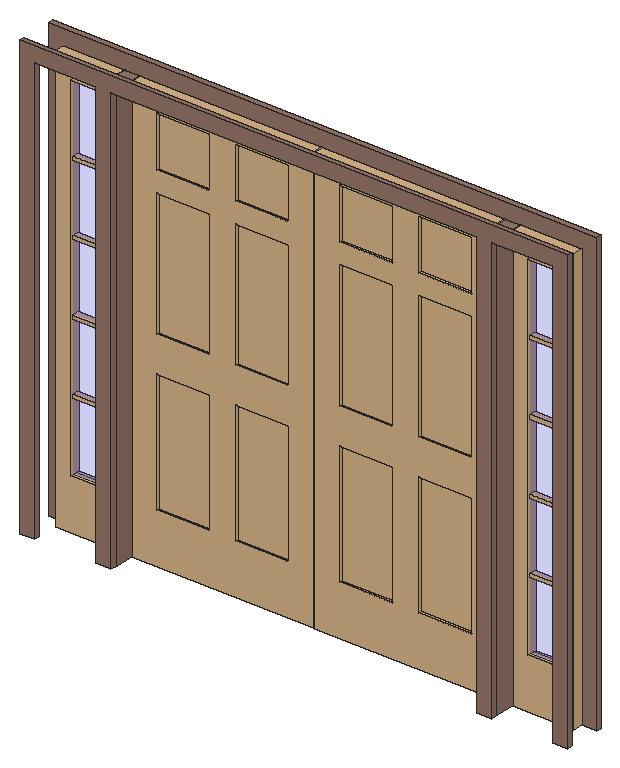
Revit family "0019_M_DR_W_double-raised panel with sidelights", category 문, Revit 2026
Family settings
  호스트 = 벽
  항상 수직 = 예
  로드될 때 보이드를 사용하여 절단 = 아니오
  공유 = 아니오
  룸 계산 점 = 아니오
Parameters (values of type "72" x 84"")
  두께 = 0' - 2"
  조합 코드 = "C1020"
  기능 = 내부
  Door Material = Door - Panel
  Frame Material = Door - Frame
  Height = 7' - 0"
  Rail Width - Base = 0' - 10"
  Rail Width - Center = 0' - 7"
  Rail Width - Top = 0' - 4"
  Sidelight Width = 1' - 0"
  Stile Width = 0' - 5"
  Trim Projection Ext = 0' - 1"
  Trim Projection Int = 0' - 1"
  Trim Width = 0' - 3"
  벽 마무리 = 호스트별
  Width = 6' - 0"
Types (7): name | Height | Width
  72" x 84" | 7' - 0" | 6' - 0"
  60" x 84" | 7' - 0" | 5' - 0"
  60" x 80" | 6' - 8" | 5' - 0"
  64" x 84" | 7' - 0" | 5' - 4"
  68" x 84" | 7' - 0" | 5' - 8"
  68" x 80" | 6' - 8" | 5' - 8"
  72" x 80" | 6' - 8" | 6' - 0"
Reference planes (in)
  plane 1: y = 0
  plane 2: z = 0
  plane 3: x = 0
  plane 4: x = -36
  plane 5: x = 36
  plane 6: z = 84
  plane 7: z = 80
  plane 8: z = 70
  plane 9: z = 66
  plane 10: z = 41
  plane 11: z = 34
  plane 12: z = 10
  plane 13: x = -31
  plane 14: x = 31
  plane 15: x = -5
  plane 16: x = 5
  plane 17: y = -3
  plane 18: x = -39
  plane 19: x = 39
  plane 20: x = -51
  plane 21: x = 51
  plane 22: y = 2
  plane 23: y = 1.625
  plane 24: y = 2.375
  plane 25: z = 66
  plane 26: z = 52
  plane 27: z = 38
  plane 28: z = 24
  plane 29: y = 2.625
  plane 30: y = 1.375
  plane 31: y = 3
  plane 32: x = -18
  plane 33: x = 18
  plane 34: x = -20.5
  plane 35: x = -15.5
  plane 36: x = 15.5
  plane 37: x = 20.5
Forms (in)
  Extrusion 1, solid, material "Door - Panel" <- "Door Material"
    sketch origin (-60, -3, 0) x (1, 0, 0) y (0, 0, 1)
      loop
        line (24, 84) -> (24, 0) -> (59.9375, 0) -> (59.9375, 84) -> (24, 84)
      loop
        line (96, 84) -> (60.0625, 84) -> (60.0625, 0) -> (96, 0) -> (96, 84)
      loop
        line (29, 80) -> (29, 70) -> (39.5, 70) -> (39.5, 80) -> (29, 80)
      loop
        line (55, 80) -> (44.5, 80) -> (44.5, 70) -> (55, 70) -> (55, 80)
      loop
        line (65, 80) -> (65, 70) -> (75.5, 70) -> (75.5, 80) -> (65, 80)
      loop
        line (91, 80) -> (80.5, 80) -> (80.5, 70) -> (91, 70) -> (91, 80)
      loop
        line (29, 66) -> (29, 41) -> (39.5, 41) -> (39.5, 66) -> (29, 66)
      loop
        line (55, 66) -> (44.5, 66) -> (44.5, 41) -> (55, 41) -> (55, 66)
      loop
        line (65, 66) -> (65, 41) -> (75.5, 41) -> (75.5, 66) -> (65, 66)
      loop
        line (91, 66) -> (80.5, 66) -> (80.5, 41) -> (91, 41) -> (91, 66)
      loop
        line (29, 34) -> (29, 10) -> (39.5, 10) -> (39.5, 34) -> (29, 34)
      loop
        line (55, 34) -> (44.5, 34) -> (44.5, 10) -> (55, 10) -> (55, 34)
      loop
        line (65, 34) -> (65, 10) -> (75.5, 10) -> (75.5, 34) -> (65, 34)
      loop
        line (91, 34) -> (80.5, 34) -> (80.5, 10) -> (91, 10) -> (91, 34)
    from -6 to -4
  Extrusion 2, solid, material "Door - Panel" <- "Door Material"
    sketch origin (-60, 1, 0) x (1, 0, 0) y (0, 0, 1)
      loop
        line (29, 80) -> (29, 70) -> (39.5, 70) -> (39.5, 80) -> (29, 80)
      loop
        line (55, 80) -> (44.5, 80) -> (44.5, 70) -> (55, 70) -> (55, 80)
      loop
        line (65, 80) -> (65, 70) -> (75.5, 70) -> (75.5, 80) -> (65, 80)
      loop
        line (91, 80) -> (80.5, 80) -> (80.5, 70) -> (91, 70) -> (91, 80)
      loop
        line (29, 66) -> (29, 41) -> (39.5, 41) -> (39.5, 66) -> (29, 66)
      loop
        line (55, 66) -> (44.5, 66) -> (44.5, 41) -> (55, 41) -> (55, 66)
      loop
        line (65, 66) -> (65, 41) -> (75.5, 41) -> (75.5, 66) -> (65, 66)
      loop
        line (91, 66) -> (80.5, 66) -> (80.5, 41) -> (91, 41) -> (91, 66)
      loop
        line (29, 34) -> (29, 10) -> (39.5, 10) -> (39.5, 34) -> (29, 34)
      loop
        line (55, 34) -> (44.5, 34) -> (44.5, 10) -> (55, 10) -> (55, 34)
      loop
        line (65, 34) -> (65, 10) -> (75.5, 10) -> (75.5, 34) -> (65, 34)
      loop
        line (91, 34) -> (80.5, 34) -> (80.5, 10) -> (91, 10) -> (91, 34)
    from -1.5 to -0.5
  Extrusion 3, solid, material "Door - Frame" <- "Frame Material"
    sketch origin (-60, 3, 0) x (-1, 0, 0) y (0, 0, 1)
      loop
        line (-111, 0) -> (-111, 84) -> (-99, 84) -> (-99, 0) -> (-96, 0) -> (-96, 84) -> (-24, 84) -> (-24, 0) -> (-21, 0) -> (-21, 84) -> (-9, 84) -> (-9, 0) -> (-6, 0) -> (-6, 87) -> (-114, 87) -> (-114, 0) -> (-111, 0)
    from 0 to 1
  Extrusion 4, solid, material "Door - Frame" <- "Frame Material"
    sketch origin (0, -3, 0) x (0, 0, -1) y (-1, 0, 0)
      loop
        line (0, 51) -> (0, 54) -> (-87, 54) -> (-87, -54) -> (0, -54) -> (0, -51) -> (-84, -51) -> (-84, -39) -> (0, -39) -> (0, -36) -> (-84, -36) -> (-84, 36) -> (0, 36) -> (0, 39) -> (-84, 39) -> (-84, 51) -> (0, 51)
    from 0 to -1
  Extrusion 5, solid, material "Door - Panel" <- "Door Material"
    sketch origin (0, 0, 0) x (0, 0, -1) y (1, 0, 0)
      loop
        line (-84, -51) -> (0, -51) -> (0, -39) -> (-84, -39) -> (-84, -51)
      loop
        line (0, 51) -> (-84, 51) -> (-84, 39) -> (0, 39) -> (0, 51)
      loop
        line (-80, -48) -> (-10, -48) -> (-10, -42) -> (-80, -42) -> (-80, -48)
      loop
        line (-80, 42) -> (-10, 42) -> (-10, 48) -> (-80, 48) -> (-80, 42)
    from -3 to -1
  Extrusion 6, solid, material "Door - Frame" <- "Frame Material"
    sketch origin (0, 0, 0) x (0, 0, -1) y (1, 0, 0)
      loop
        line (-84, -39) -> (0, -39) -> (0, -36) -> (-84, -36) -> (-84, -39)
      loop
        line (-84, 36) -> (0, 36) -> (0, 39) -> (-84, 39) -> (-84, 36)
    from -3 to 3
  Extrusion 7, solid, material "Glass"
    sketch origin (0, 0.08725, 0) x (0, 0, -1) y (1, 0, 0)
      loop
        line (-80, -48) -> (-10, -48) -> (-10, -42) -> (-80, -42) -> (-80, -48)
    from -2.28775 to -1.53775
  Extrusion 8, solid, material "Glass"
    sketch origin (0, 0, 0) x (0, 0, -1) y (1, 0, 0)
      loop
        line (-80, 42) -> (-10, 42) -> (-10, 48) -> (-80, 48) -> (-80, 42)
    from -2.375 to -1.625
  Extrusion 9, solid, material "Door - Panel" <- "Door Material"
    sketch origin (0, 0, 0) x (0, 0, -1) y (1, 0, 0)
      loop
        line (-24.375, 42) -> (-23.625, 42) -> (-23.625, 48) -> (-24.375, 48) -> (-24.375, 42)
      loop
        line (-38.375, 42) -> (-37.625, 42) -> (-37.625, 48) -> (-38.375, 48) -> (-38.375, 42)
      loop
        line (-52.375, 42) -> (-51.625, 42) -> (-51.625, 48) -> (-52.375, 48) -> (-52.375, 42)
      loop
        line (-66.375, 42) -> (-65.625, 42) -> (-65.625, 48) -> (-66.375, 48) -> (-66.375, 42)
      loop
        line (-66.375, -48) -> (-65.625, -48) -> (-65.625, -42) -> (-66.375, -42) -> (-66.375, -48)
      loop
        line (-52.375, -48) -> (-51.625, -48) -> (-51.625, -42) -> (-52.375, -42) -> (-52.375, -48)
      loop
        line (-38.375, -48) -> (-37.625, -48) -> (-37.625, -42) -> (-38.375, -42) -> (-38.375, -48)
      loop
        line (-24.375, -48) -> (-23.625, -48) -> (-23.625, -42) -> (-24.375, -42) -> (-24.375, -48)
    from -2.625 to -1.375
Lines and regions (in)
  Opening 1
    outline origin (-60, -3, 144) x (0, 0, -1) y (1, 0, 0)
      loop
        line (60, 9) -> (144, 9) -> (144, 111) -> (60, 111) -> (60, 9)
  symbolic lines, style "DoorsPanelProjection"
    curve 1: line (36, 3, 0) -> (34, 3, 0)
    curve 2: line (36, 3, 0) -> (36, 39, 0)
    curve 3: line (36, 39, 0) -> (34, 39, 0)
    curve 4: line (34, 3, 0) -> (34, 39, 0)
    curve 27: line (-39, 3, 0) -> (-42, 3, 0)
    curve 28: line (-42, 3, 0) -> (-42, 1, 0)
    curve 29: line (-42, 1, 0) -> (-39, 1, 0)
    curve 30: line (-51, 3, 0) -> (-48, 3, 0)
    curve 31: line (-48, 3, 0) -> (-48, 1, 0)
    curve 32: line (-48, 1, 0) -> (-51, 1, 0)
    curve 37: line (-36, 3, 0) -> (-36, 39, 0)
    curve 38: line (-34, 39, 0) -> (-34, 3, 0)
    curve 39: line (-34, 39, 0) -> (-36, 39, 0)
    curve 40: line (-36, 3, 0) -> (-34, 3, 0)
  model lines, style "DoorsFrameMullionProjection"
    curve 5: line (-39, -3, 0) -> (-39, -3, 87)
    curve 6: line (-39, -3, 87) -> (39, -3, 87)
    curve 7: line (39, -3, 87) -> (39, -3, 0)
    curve 8: line (39, 3, 0) -> (39, 3, 87)
    curve 9: line (-39, 3, 87) -> (39, 3, 87)
    curve 10: line (-39, 3, 87) -> (-39, 3, 0)
  symbolic lines, style "DoorsFrameMullionProjection"
    curve 11: line (-39, 3, 0) -> (-36, 3, 0)
    curve 12: line (-39, -3, 0) -> (-39, 3, 0)
    curve 13: line (-36, -3, 0) -> (-39, -3, 0)
    curve 14: line (-36, 3, 0) -> (-36, -3, 0)
    curve 15: line (39, 3, 0) -> (36, 3, 0)
    curve 16: line (39, -3, 0) -> (39, 3, 0)
    curve 17: line (36, -3, 0) -> (39, -3, 0)
    curve 18: line (36, 3, 0) -> (36, -3, 0)
  symbolic lines, style "Plan Swing"
    curve 19: line (39, 3, 0) -> (42, 3, 0)
    curve 20: line (42, 3, 0) -> (42, 1, 0)
    curve 21: line (42, 1, 0) -> (39, 1, 0)
    curve 22: line (51, 3, 0) -> (48, 3, 0)
    curve 23: line (48, 3, 0) -> (48, 1, 0)
    curve 24: line (48, 1, 0) -> (51, 1, 0)
    curve 25: line (42, 2, 0) -> (48, 2, 0)
    curve 26: line (-48, 2, 0) -> (-42, 2, 0)
    curve 41: arc (-36, 39, 0) -> (-10.54416, 28.45584, 0) -> (0, 3, 0) r 36
    curve 42: arc (36, 39, 0) -> (10.54416, 28.45584, 0) -> (0, 3, 0) r 36
  symbolic lines, style "Elevation Swing"
    curve 33: line (0.0625, 0, 84) -> (36, 0, 42)
    curve 34: line (36, 0, 42) -> (0.0625, 0, 0)
    curve 35: line (-0.0625, 0, 0) -> (-36, 0, 42)
    curve 36: line (0.0625, 0, 84) -> (-36, 0, 42)
Dimensions and locks (in)
  equal spacing: plane 4, plane 3, plane 5
  "Width": plane 4 to plane 5
  locked: host wall to curve 1
  control icon elem to plane 5 = 2' - 4"
  "Height": plane 6 to plane 2
  "Trim Width": plane 6 to curve 6
  locked: curve 9 to host wall
  "Rail Width - Base": plane 12 to host wall
  "Rail Width - Center": plane 10 to plane 11
  "Rail Width - Top": plane 8 to plane 9
  "Rail Width - Top": plane 6 to plane 7
  "Stile Width": plane 4 to plane 13
  "Stile Width": plane 14 to plane 5
  locked: plane 7 to plane 8 at 10
  "두께": Extrusion 1 to Extrusion 1
  "Trim Projection Ext": Extrusion 3 to Extrusion 3
  "Trim Projection Int": plane 17 to Extrusion 4
  "두께": curve 4 to plane 5
  locked: Extrusion 1 to Extrusion 2 at 0.5
  locked: host wall to Extrusion 2 at 0.5
  plane 18 to plane 4 = 0' - 3"
  plane 5 to plane 19 = 0' - 3"
  "Sidelight Width": plane 19 to plane 21
  "Sidelight Width": plane 20 to plane 18
  locked: Extrusion 5 sketch curve to plane 20 at 3
  locked: Extrusion 5 sketch curve to plane 18 at 3
  locked: Extrusion 5 sketch curve to plane 19 at 3
  locked: Extrusion 5 sketch curve to plane 21 at 3
  equal spacing: plane 7, plane 25, plane 26, plane 27, plane 28, plane 12
  locked: plane 31 to host wall
  Extrusion 5 to plane 30 to plane 23 to plane 22 to plane 24 to plane 29 to plane 31 = 0' - 0 3/8" locked, 0' - 0 1/4" locked, 0' - 0 3/8" locked, 0' - 0 3/8" locked, 0' - 0 1/4" locked, 0' - 0 3/8" locked
  Extrusion 1 sketch curve to plane 3 to Extrusion 1 sketch curve = 0' - 0 1/16" locked, 0' - 0 1/16" locked
  "Stile Width": plane 15 to plane 3
  "Stile Width": plane 3 to plane 16
  equal spacing: plane 6, curve 34, level
  equal spacing: plane 6, curve 36, level
  "두께": plane 4 to curve 38
  equal spacing: plane 13, plane 32, plane 15
  equal spacing: plane 16, plane 33, plane 14
  equal spacing: plane 34, plane 32, plane 35
  equal spacing: plane 36, plane 33, plane 37
  "Stile Width": plane 34 to plane 35
  "Stile Width": plane 36 to plane 37
  aligned and locked: plane 2 to curve 5
  aligned and locked: curve 7 to level
  aligned and locked: curve 8 to curve 7
  aligned and locked: plane 4 to Extrusion 1 sketch curve
  aligned and locked: plane 6 to Extrusion 1 sketch curve
  aligned and locked: Extrusion 1 sketch curve to curve 1
  aligned and locked: plane 5 to Extrusion 1 sketch curve
  aligned and locked: plane 13 to Extrusion 1 sketch curve  (x3)
  aligned and locked: plane 7 to Extrusion 1 sketch curve  (x2)
  aligned and locked: plane 8 to Extrusion 1 sketch curve  (x2)
  aligned and locked: plane 15 to Extrusion 1 sketch curve  (x3)
  aligned and locked: plane 16 to Extrusion 1 sketch curve  (x3)
  aligned and locked: plane 14 to Extrusion 1 sketch curve  (x3)
  aligned and locked: plane 9 to Extrusion 1 sketch curve  (x2)
  aligned and locked: plane 10 to Extrusion 1 sketch curve  (x2)
  aligned and locked: plane 11 to Extrusion 1 sketch curve  (x2)
  aligned and locked: plane 12 to Extrusion 1 sketch curve  (x2)
  aligned and locked: Extrusion 2 sketch curve to Extrusion 1  (x24)
  aligned and locked: host wall to Extrusion 1
  aligned and locked: plane 17 to host wall
  aligned and locked: Extrusion 4 sketch curve to curve 6
  aligned and locked: Extrusion 3 sketch curve to curve 6
  aligned and locked: plane 20 to Opening 1 sketch curve
  aligned and locked: plane 21 to Opening 1 sketch curve
  aligned and locked: Extrusion 5 sketch curve to host wall  (x4)
  aligned and locked: Extrusion 3 to Extrusion 5 sketch curve
  aligned and locked: Extrusion 5 sketch curve to curve 5
  aligned and locked: plane 6 to Extrusion 5 sketch curve
  aligned and locked: Extrusion 5 sketch curve to curve 7
  aligned and locked: plane 21 to Extrusion 4 sketch curve
  aligned and locked: Extrusion 4 sketch curve to plane 20
  aligned and locked: Extrusion 6 sketch curve to curve 5
  aligned and locked: plane 4 to Extrusion 6 sketch curve
  aligned and locked: plane 6 to Extrusion 6 sketch curve  (x2)
  aligned and locked: Extrusion 6 sketch curve to plane 5
  aligned and locked: curve 7 to Extrusion 6 sketch curve
  aligned and locked: host wall to Extrusion 5
  aligned and locked: Extrusion 5 to Extrusion 1
  aligned and locked: host wall to Extrusion 6
  aligned and locked: Extrusion 6 to plane 17
  aligned and locked: Extrusion 5 sketch curve to plane 12  (x2)
  aligned and locked: plane 7 to Extrusion 5 sketch curve  (x2)
  aligned and locked: Extrusion 7 sketch curve to Extrusion 5  (x4)
  aligned and locked: Extrusion 8 sketch curve to Extrusion 5  (x4)
  aligned and locked: plane 24 to Extrusion 7
  aligned and locked: Extrusion 8 to plane 24
  aligned and locked: plane 23 to Extrusion 8
  aligned and locked: Extrusion 5 to Extrusion 9 sketch curve  (x12)
  aligned and locked: Extrusion 9 sketch curve to Extrusion 9 sketch curve  (x2)
  aligned and locked: Extrusion 3 sketch curve to plane 21
  aligned and locked: plane 20 to Extrusion 3 sketch curve
  aligned and locked: Extrusion 7 to plane 23
  aligned and locked: Extrusion 9 to plane 30
  aligned and locked: Extrusion 9 to plane 29
  aligned and locked: curve 11 to Extrusion 6  (x2)
  aligned and locked: host wall to curve 14
  aligned and locked: curve 14 to Extrusion 6
  aligned and locked: curve 15 to Extrusion 3
  aligned and locked: curve 18 to Extrusion 4
  aligned and locked: plane 3 to curve 41
  aligned and locked: plane 37 to Extrusion 2 sketch curve  (x3)
  aligned and locked: Extrusion 2 sketch curve to plane 36  (x2)
Automatic sketch dimensions
  Opening 1 sketch curve to plane 6 = 0' - 0"
  Opening 1 sketch curve to level = 0' - 0"
  Extrusion 6 sketch curve to level = 0' - 0"  (x2)
  Extrusion 4 sketch curve to plane 4 = 0' - 0"
  Extrusion 4 sketch curve to plane 6 = 0' - 0"  (x3)
  Extrusion 4 sketch curve to level = 0' - 0"  (x4)
  Extrusion 4 sketch curve to plane 5 = 0' - 0"
  Extrusion 4 sketch curve to plane 18 = 0' - 0"
  Extrusion 4 sketch curve to plane 21 = 0' - 3"
  plane 20 to Extrusion 4 sketch curve = 0' - 3"
  Extrusion 4 sketch curve to plane 19 = 0' - 0"
  Extrusion 9 sketch curve to plane 25 = 0' - 0 3/8"  (x2)
  plane 25 to Extrusion 9 sketch curve = 0' - 0 3/8"  (x2)
  Extrusion 9 sketch curve to plane 26 = 0' - 0 3/8"  (x2)
  plane 26 to Extrusion 9 sketch curve = 0' - 0 3/8"  (x2)
  Extrusion 9 sketch curve to plane 27 = 0' - 0 3/8"  (x2)
  plane 27 to Extrusion 9 sketch curve = 0' - 0 3/8"  (x2)
  Extrusion 9 sketch curve to plane 28 = 0' - 0 3/8"  (x2)
  plane 28 to Extrusion 9 sketch curve = 0' - 0 3/8"  (x2)
  Extrusion 9 sketch curve to plane 20 = 0' - 3"
  plane 18 to Extrusion 9 sketch curve = 0' - 3"
  Extrusion 3 sketch curve to level = 0' - 0"  (x4)
  Extrusion 3 sketch curve to plane 19 = 0' - 0"
  Extrusion 3 sketch curve to plane 5 = 0' - 0"
  Extrusion 3 sketch curve to plane 4 = 0' - 0"
  Extrusion 3 sketch curve to plane 18 = 0' - 0"
  Extrusion 3 sketch curve to plane 6 = 0' - 0"  (x3)
  Extrusion 3 sketch curve to plane 21 = 0' - 3"
  plane 20 to Extrusion 3 sketch curve = 0' - 3"
  curve 10 to plane 18 = 0' - 0"
  curve 9 to plane 19 = 0' - 0"
  curve 36 to plane 6 = 0' - 0"
  curve 36 to plane 4 = 0' - 0"
  curve 33 to plane 5 = 0' - 0"
  curve 34 to level = 0' - 0"
  curve 35 to level = 0' - 0"
  curve 8 to level = 0' - 0"
  curve 10 to level = 0' - 0"
  curve 5 to plane 18 = 0' - 0"
  curve 10 to curve 5 = 0' - 0"
  curve 35 to plane 3 = 0' - 0 1/16"
  plane 3 to curve 34 = 0' - 0 1/16"
  plane 3 to curve 33 = 0' - 0 1/16"
  curve 30 to host wall = 0' - 0"
  curve 30 to plane 20 = 0' - 0"
  curve 32 to plane 20 = 0' - 0"
  curve 26 to plane 22 = 0' - 0"
  curve 42 to plane 3 = 0' - 0"
  curve 42 to plane 5 = 0' - 0"
  curve 1 to plane 5 = 0' - 0"
  curve 20 to host wall = 0' - 0"
  curve 25 to plane 22 = 0' - 0"
  curve 23 to host wall = 0' - 0"
  curve 24 to plane 21 = 0' - 0"
  curve 22 to plane 21 = 0' - 0"
  curve 16 to host wall = 0' - 0"
  curve 41 to host wall = 0' - 0"
  plane 30 to curve 32 = 0' - 0 3/8"
  curve 32 to curve 32 = 0' - 3"
  plane 30 to curve 29 = 0' - 0 3/8"
  plane 18 to curve 29 = 0' - 3"
  curve 15 to curve 20 = 0' - 3"
  plane 30 to curve 24 = 0' - 0 3/8"
  plane 21 to curve 24 = 0' - 3"
  plane 30 to curve 21 = 0' - 0 3/8"
  curve 4 to curve 42 = 0' - 0"
  Extrusion 2 sketch curve to plane 34 = 0' - 0"  (x3)
  Extrusion 2 sketch curve to plane 35 = 0' - 0"  (x3)
  Extrusion 2 sketch curve to plane 10 = 0' - 0"  (x2)
  Extrusion 2 sketch curve to plane 36 = 0' - 0"
  Extrusion 2 sketch curve to plane 12 = 0' - 0"  (x2)
  Extrusion 2 sketch curve to plane 11 = 0' - 0"  (x2)
  Extrusion 2 sketch curve to plane 9 = 0' - 0"  (x2)
  Extrusion 2 sketch curve to plane 8 = 0' - 0"  (x2)
  Extrusion 2 sketch curve to plane 7 = 0' - 0"  (x2)
  Extrusion 1 sketch curve to plane 8 = 0' - 0"  (x2)
  Extrusion 1 sketch curve to plane 10 = 0' - 0"  (x2)
  Extrusion 1 sketch curve to plane 12 = 0' - 0"  (x2)
  Extrusion 1 sketch curve to plane 9 = 0' - 0"  (x2)
  Extrusion 1 sketch curve to plane 7 = 0' - 0"  (x2)
  Extrusion 1 sketch curve to plane 11 = 0' - 0"  (x2)
  Extrusion 1 sketch curve to level = 0' - 0"
  Extrusion 1 sketch curve to plane 6 = 0' - 0"
  plane 32 to Extrusion 1 sketch curve = 0' - 2 1/2"  (x3)
  Extrusion 1 sketch curve to plane 32 = 0' - 2 1/2"  (x3)
  plane 33 to Extrusion 1 sketch curve = 0' - 2 1/2"  (x3)
  Extrusion 1 sketch curve to plane 33 = 0' - 2 1/2"  (x3)
